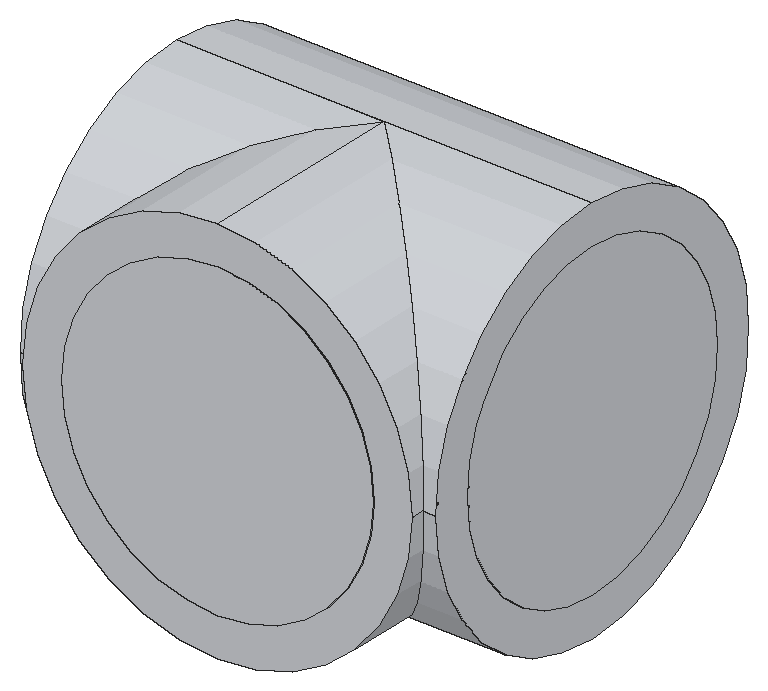
Revit family "Round-Duct-Tee-w-KoolDuct-Insulation-System", category Duct Fittings, Revit 2026
Family settings
  Round Connector Dimension = Use Radius
  Part Type = Tee
  Classification Number = 23.75.70.14
  Work Plane-Based = No
  Always vertical = Yes
  Cut with Voids When Loaded = No
  Shared = No
Parameters (values of type "KoolDuct Duct")
  built-in parameter 1114242 [instance] = (empty or 0)
  URL = "http://www.trustgreenguard.com/hvac-ductwork/kingspan-koolduct-system/"
  Type Comments = ""
  Specification = "http://www.arcat.com/sdspecs/htm04/23_31_00ksp.htm"
  Sales Information = "http://www.trustgreenguard.com/contact/"
  Revision = "R1_2016-10"
  R2 [instance] = 6"
  R0 [instance] = 6"
  Product Properties = "http://www.trustgreenguard.com/knowledge-base/ductwork/"
  Product Data = "http://www.arcat.com/arcatcos/cos49/arc49893.html"
  Model = "Round Duct Tee w/ KoolDuct Insulation"
  Manufacturer Website = "http://www.trustgreenguard.com/hvac-ductwork/kingspan-koolduct-system/"
  Manufacturer Phone - Toll Free = "800-241-4402"
  Manufacturer Phone = "678-589-7300"
  Manufacturer Fax = "678-589-7325"
  Manufacturer Address = "2100 RiverEdge Pkwy. Suite 175; Atlanta; GA 30328"
  Manufacturer = "Kingspan Insulation LLC"
  Lining Thickness [instance] = 0"
  Lining R2 [instance] = R2 - Lining Thickness  # 6"
  Lining R0 [instance] = R0 - Lining Thickness  # 6"
  L2 [instance] = R0 + 2"  # 8"
  L01 [instance] = R2 * 2 + 4"  # 16"
  Keynote = "23 07 19"
  Insulation Thickness = 1 1/2"
  Insulation R2 [instance] = R2 + Insulation Thickness  # 7 1/2"
  Insulation R0 [instance] = R0 + Insulation Thickness  # 7 1/2"
  Installation-Fabrication = "http://www.trustgreenguard.com/knowledge-base/ductwork/"
  Drawn By = "Sumex Design / Robert S Weygant"
  Description = "Round Duct Tee w/ KoolDuct Insulation System"
  Default Elevation = 0' - 0"
  Cost = 0
  Copyright = "� 2016 ARCAT Inc."
  Construction Details = "http://www.arcat.com/details/kinginsu/kinginsu.html?coid=49893"
  Assembly Code = "D3040100"
Reference planes (in)
  plane 1 "Center (Front/Back)": y = 0
  plane 2: z = 0
  plane 3 "Center (Left/Right)": x = 0
  plane 4: x = -8
  plane 5: x = 8
  plane 6: y = -8
Forms (in)
  Sweep 1, solid, detail levels medium+fine
    path in 3D
      loop
        line (-8, 0, 0) -> (8, 0, 0)
    profile "Duct - Round : Duct - Round Main" origin (0, 0, 0) x (0, 1, 0) y (0, 0, 1)
      loop
        arc (-6, 0) -> (-4.24264, -4.24264) -> (0, -6) r 6
        arc (0, -6) -> (4.24264, -4.24264) -> (6, 0) r 6
        arc (6, 0) -> (4.24264, 4.24264) -> (0, 6) r 6
        arc (0, 6) -> (-4.24264, 4.24264) -> (-6, 0) r 6
  Sweep 2, solid, detail levels medium+fine
    path in 3D
      loop
        line (0, 0, 0) -> (0, -8, 0)
    profile "Duct - Round : Duct - Round Branch" origin (0, -4, 0) x (1, 0, 0) y (0, 0, 1)
      loop
        arc (-6, 0) -> (-4.24264, -4.24264) -> (0, -6) r 6
        arc (0, -6) -> (4.24264, -4.24264) -> (6, 0) r 6
        arc (6, 0) -> (4.24264, 4.24264) -> (0, 6) r 6
        arc (0, 6) -> (-4.24264, 4.24264) -> (-6, 0) r 6
  Sweep 3, solid, detail levels medium+fine
    path in 3D
      loop
        line (-8, 0, 0) -> (8, 0, 0)
    profile "Duct - Round : Duct - Lining Main" origin (0, 0, 0) x (0, 1, 0) y (0, 0, 1)
      loop
        arc (-6, 0) -> (-4.24264, -4.24264) -> (0, -6) r 6
        arc (0, -6) -> (4.24264, -4.24264) -> (6, 0) r 6
        arc (6, 0) -> (4.24264, 4.24264) -> (0, 6) r 6
        arc (0, 6) -> (-4.24264, 4.24264) -> (-6, 0) r 6
  Sweep 4, solid, detail levels medium+fine
    path in 3D
      loop
        line (0, 0, 0) -> (0, -8, 0)
    profile "Duct - Round : Duct - Lining Branch" origin (0, -4, 0) x (1, 0, 0) y (0, 0, 1)
      loop
        arc (-6, 0) -> (-4.24264, -4.24264) -> (0, -6) r 6
        arc (0, -6) -> (4.24264, -4.24264) -> (6, 0) r 6
        arc (6, 0) -> (4.24264, 4.24264) -> (0, 6) r 6
        arc (0, 6) -> (-4.24264, 4.24264) -> (-6, 0) r 6
  Sweep 5, solid, detail levels medium+fine
    path in 3D
      loop
        line (0, 0, 0) -> (0, -8, 0)
    profile "Duct - Round : Duct - Insulation Branch" origin (0, -4, 0) x (1, 0, 0) y (0, 0, 1)
      loop
        arc (-7.5, 0) -> (-5.3033, -5.3033) -> (0, -7.5) r 7.5
        arc (0, -7.5) -> (5.3033, -5.3033) -> (7.5, 0) r 7.5
        arc (7.5, 0) -> (5.3033, 5.3033) -> (0, 7.5) r 7.5
        arc (0, 7.5) -> (-5.3033, 5.3033) -> (-7.5, 0) r 7.5
  Sweep 6, solid, detail levels medium+fine
    path in 3D
      loop
        line (-8, 0, 0) -> (8, 0, 0)
    profile "Duct - Round : Duct - Insulation Main" origin (0, 0, 0) x (0, 1, 0) y (0, 0, 1)
      loop
        arc (-7.5, 0) -> (-5.3033, -5.3033) -> (0, -7.5) r 7.5
        arc (0, -7.5) -> (5.3033, -5.3033) -> (7.5, 0) r 7.5
        arc (7.5, 0) -> (5.3033, 5.3033) -> (0, 7.5) r 7.5
        arc (0, 7.5) -> (-5.3033, 5.3033) -> (-7.5, 0) r 7.5
Cuts and joins
  joined: Sweep 1, Sweep 2
  joined: Sweep 3, Sweep 4
  joined: Sweep 5, Sweep 6
Lines and regions (in)
  reference lines
    curve 1: line (-8, 0, 0) -> (8, 0, 0)
    curve 2: line (0, 0, 0) -> (0, -8, 0)
  sketch lines
    curve 3: line (-8, 0, 0) -> (8, 0, 0)
    curve 4: line (0, 0, 0) -> (0, -8, 0)
    curve 7: line (-8, 0, 0) -> (8, 0, 0)
    curve 8: line (0, 0, 0) -> (0, -8, 0)
    curve 9: line (0, 0, 0) -> (0, -8, 0)
    curve 10: line (-8, 0, 0) -> (8, 0, 0)
  model lines, style "DuctFitting", detail levels coarse
    curve 5: line (-8, 0, 0) -> (8, 0, 0)
    curve 6: line (0, 0, 0) -> (0, -8, 0)
Dimensions and locks (in)
  equal spacing: plane 4, plane 3 "Center (Left/Right)", plane 5
  "L01": plane 4 to plane 5
  "L2": plane 6 to plane 1 "Center (Front/Back)"
  aligned and locked: plane 1 "Center (Front/Back)" to curve 1
  aligned and locked: plane 5 to curve 1
  aligned and locked: plane 4 to curve 1
  aligned and locked: curve 2 to plane 3 "Center (Left/Right)"
  aligned and locked: plane 6 to curve 2
  aligned and locked: plane 1 "Center (Front/Back)" to curve 2
  aligned and locked: curve 5 to curve 1
  aligned and locked: curve 6 to curve 2
  aligned and locked: plane 4 to curve 5
  aligned and locked: plane 5 to curve 5
  aligned and locked: plane 6 to curve 6
  aligned and locked: plane 1 "Center (Front/Back)" to curve 6
Connectors (in)
  hvac at (-8, 0, 0), driven by "R0"
    settings: on cut or joined group of Sweep 1, Sweep 2, index 1, duct flow 0 CFM, flow factor 0, pres drop 0.00 in-wg, loss coef 0, conn angle 0.00°, conn width 12", conn height 12", conn diameter 12", duct sys type 28, conn prof type 0, flow config 0, flow direction 0, loss method 0, conn ref index -1, conn util no, is conn primary no, conn desc ""
  hvac at (8, 0, 0), driven by "R0"
    settings: on cut or joined group of Sweep 1, Sweep 2, index 2, duct flow 0 CFM, flow factor 0, pres drop 0.00 in-wg, loss coef 0, conn angle 0.00°, conn width 12", conn height 12", conn diameter 12", duct sys type 28, conn prof type 0, flow config 0, flow direction 0, loss method 0, conn ref index -1, conn util no, is conn primary no, conn desc ""
  hvac at (0, -8, 0), driven by "R2"
    settings: on cut or joined group of Sweep 1, Sweep 2, index 3, duct flow 0 CFM, flow factor 0, pres drop 0.00 in-wg, loss coef 0, conn angle 0.00°, conn width 12", conn height 12", conn diameter 12", duct sys type 28, conn prof type 0, flow config 0, flow direction 0, loss method 0, conn ref index -1, conn util no, is conn primary yes, conn desc ""
